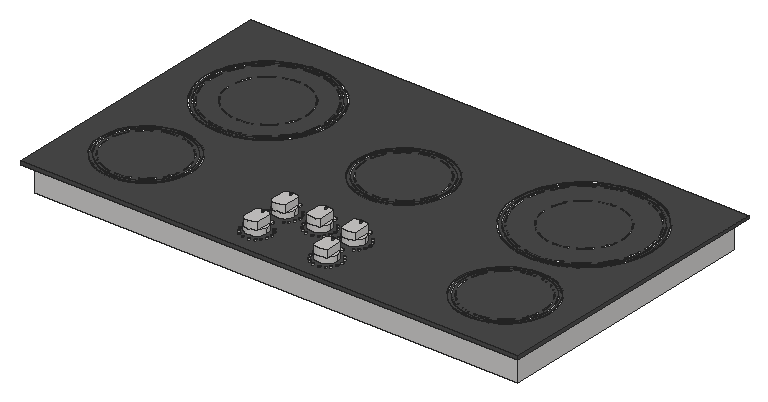
Revit family "QF_Summit_CR5B36MB_Electric Cooktop", category Specialty Equipment, Revit 2020 (continued)
Forms (in)
  Extrusion 2, solid, material "QF_Plastic_White_Smooth"
    sketch origin (-1.19104, -180, 1.88) x (-1, 0, 0) y (0, -1, 0)
      loop
        arc (-26.57765, -171.02061) -> (-26.30417, -171.48612) -> (-26.09009, -171.98176) r 4.37679
      loop
        line (-27.86564, -174.84724) -> (-27.83872, -174.86311)
        arc (-27.83872, -174.86311) -> (-27.63069, -174.42672) -> (-27.5023, -173.96065) r 2.75
        line (-27.5023, -173.96065) -> (-27.53304, -173.95503)
        arc (-27.53304, -173.95503) -> (-27.65997, -174.41581) -> (-27.86564, -174.84724) r 2.71875
      loop
        line (-27.49401, -173.29661) -> (-27.4627, -173.29661)
        arc (-27.4627, -173.29661) -> (-27.51384, -172.91224) -> (-27.61852, -172.53889) r 2.75
        line (-27.61852, -172.53889) -> (-27.64794, -172.54942)
        arc (-27.64794, -172.54942) -> (-27.54464, -172.91759) -> (-27.49401, -173.29661) r 2.71875
      loop
        line (-28.45105, -171.35015) -> (-28.47101, -171.37419)
        arc (-28.47101, -171.37419) -> (-28.11969, -171.72467) -> (-27.83793, -172.13316) r 2.71875
        line (-27.83793, -172.13316) -> (-27.81069, -172.11784)
        arc (-27.81069, -172.11784) -> (-28.09569, -171.70465) -> (-28.45105, -171.35015) r 2.75
      loop
        line (-29.73486, -170.75707) -> (-29.74023, -170.78785)
        arc (-29.74023, -170.78785) -> (-29.26498, -170.91599) -> (-28.82063, -171.12772) r 2.71875
        line (-28.82063, -171.12772) -> (-28.80468, -171.10084)
        arc (-28.80468, -171.10084) -> (-29.25415, -170.88668) -> (-29.73486, -170.75707) r 2.75
      loop
        line (-31.14713, -170.88167) -> (-31.13645, -170.91104)
        arc (-31.13645, -170.91104) -> (-30.66966, -170.78698) -> (-30.18827, -170.74747) r 2.71875
        line (-30.18827, -170.74747) -> (-30.18827, -170.71622)
        arc (-30.18827, -170.71622) -> (-30.67508, -170.7562) -> (-31.14713, -170.88167) r 2.75
      loop
        line (-32.31589, -171.70063) -> (-32.29371, -171.72282)
        arc (-32.29371, -171.72282) -> (-31.95234, -171.3812) -> (-31.55591, -171.10537) r 2.71875
        line (-31.55591, -171.10537) -> (-31.57141, -171.07823)
        arc (-31.57141, -171.07823) -> (-31.97132, -171.35633) -> (-32.31589, -171.70063) r 2.75
      loop
        line (-32.92064, -173.01756) -> (-32.88981, -173.02266)
        arc (-32.88981, -173.02266) -> (-32.76487, -172.54348) -> (-32.55509, -172.09492) r 2.71875
        line (-32.55509, -172.09492) -> (-32.58208, -172.07916)
        arc (-32.58208, -172.07916) -> (-32.79427, -172.53288) -> (-32.92064, -173.01756) r 2.75
      loop
        line (-32.78039, -174.43702) -> (-32.75116, -174.42599)
        arc (-32.75116, -174.42599) -> (-32.8821, -173.95399) -> (-32.92622, -173.46615) r 2.71875
        line (-32.92622, -173.46615) -> (-32.95747, -173.46615)
        arc (-32.95747, -173.46615) -> (-32.91284, -173.95959) -> (-32.78039, -174.43702) r 2.75
      loop
        line (-31.93309, -175.60736) -> (-31.91348, -175.58302)
        arc (-31.91348, -175.58302) -> (-32.28449, -175.22046) -> (-32.57988, -174.79404) r 2.71875
        line (-32.57988, -174.79404) -> (-32.60715, -174.8093)
        arc (-32.60715, -174.8093) -> (-32.30836, -175.24063) -> (-31.93309, -175.60736) r 2.75
      loop
        line (-30.65779, -176.17903) -> (-30.65267, -176.1482)
        arc (-30.65267, -176.1482) -> (-31.13524, -176.0217) -> (-31.58658, -175.80916) r 2.71875
        line (-31.58658, -175.80916) -> (-31.60243, -175.83609)
        arc (-31.60243, -175.83609) -> (-31.14591, -176.05108) -> (-30.65779, -176.17903) r 2.75
      loop
        line (-30.27061, -176.18417) -> (-30.27061, -176.21543)
        arc (-30.27061, -176.21543) -> (-29.75022, -176.17787) -> (-29.24628, -176.0427) r 2.75
        line (-29.24628, -176.0427) -> (-29.2572, -176.01342)
        arc (-29.2572, -176.01342) -> (-29.75577, -176.14712) -> (-30.27061, -176.18417) r 2.71875
      loop
        line (-28.85736, -175.82598) -> (-28.84184, -175.85311)
        arc (-28.84184, -175.85311) -> (-28.43495, -175.56869) -> (-28.08583, -175.21576) r 2.75
        line (-28.08583, -175.21576) -> (-28.10993, -175.19587)
        arc (-28.10993, -175.19587) -> (-28.45509, -175.5448) -> (-28.85736, -175.82598) r 2.71875
      loop
        circle (-31.75732, -164.46164) r 3.25
      loop
        circle (-31.75732, -164.46164) r 3.1875
      loop
        circle (-31.75732, -164.46164) r 3.01918
      loop
        circle (-31.75732, -164.46164) r 2.98793
      loop
        line (-33.52824, -166.59947) -> (-33.50604, -166.57727)
        arc (-33.50604, -166.57727) -> (-33.86405, -166.22108) -> (-34.15074, -165.80533) r 2.7448
        line (-34.15074, -165.80533) -> (-34.17799, -165.82063)
        arc (-34.17799, -165.82063) -> (-33.88898, -166.23997) -> (-33.52824, -166.59947) r 2.77605
      loop
        line (-34.37285, -165.39195) -> (-34.3434, -165.38148)
        arc (-34.3434, -165.38148) -> (-34.46385, -164.91839) -> (-34.50205, -164.44143) r 2.7448
        line (-34.50205, -164.44143) -> (-34.5333, -164.44143)
        arc (-34.5333, -164.44143) -> (-34.49465, -164.92371) -> (-34.37285, -165.39195) r 2.77605
      loop
        line (-34.49314, -163.99077) -> (-34.46235, -163.99607)
        arc (-34.46235, -163.99607) -> (-34.33579, -163.52067) -> (-34.1264, -163.07549) r 2.7448
        line (-34.1264, -163.07549) -> (-34.15337, -163.05971)
        arc (-34.15337, -163.05971) -> (-34.36514, -163.50995) -> (-34.49314, -163.99077) r 2.77605
      loop
        line (-33.88536, -162.67898) -> (-33.86318, -162.70116)
        arc (-33.86318, -162.70116) -> (-33.52547, -162.36222) -> (-33.13404, -162.08707) r 2.7448
        line (-33.13404, -162.08707) -> (-33.14971, -162.06004)
        arc (-33.14971, -162.06004) -> (-33.54454, -162.33742) -> (-33.88536, -162.67898) r 2.77605
      loop
        line (-32.72271, -161.85886) -> (-32.71184, -161.88816)
        arc (-32.71184, -161.88816) -> (-32.24748, -161.76096) -> (-31.76803, -161.71686) r 2.7448
        line (-31.76803, -161.71686) -> (-31.76803, -161.68561)
        arc (-31.76803, -161.68561) -> (-32.253, -161.7302) -> (-32.72271, -161.85886) r 2.77605
      loop
        line (-31.33376, -161.71809) -> (-31.33852, -161.74898)
        arc (-31.33852, -161.74898) -> (-30.82772, -161.87905) -> (-30.35121, -162.10436) r 2.7448
        line (-30.35121, -162.10436) -> (-30.3352, -162.07752)
        arc (-30.3352, -162.07752) -> (-30.81714, -161.84964) -> (-31.33376, -161.71809) r 2.77605
      loop
        line (-29.99205, -162.31914) -> (-30.01425, -162.34134)
        arc (-30.01425, -162.34134) -> (-29.65205, -162.70046) -> (-29.36254, -163.12038) r 2.7448
        line (-29.36254, -163.12038) -> (-29.33527, -163.10511)
        arc (-29.33527, -163.10511) -> (-29.6271, -162.68157) -> (-29.99205, -162.31914) r 2.77605
      loop
        line (-29.15038, -163.50752) -> (-29.17973, -163.51826)
        arc (-29.17973, -163.51826) -> (-29.05159, -164.00016) -> (-29.01275, -164.49728) r 2.7448
        line (-29.01275, -164.49728) -> (-28.98149, -164.49728)
        arc (-28.98149, -164.49728) -> (-29.02082, -163.9947) -> (-29.15038, -163.50752) r 2.77605
      loop
        line (-29.02114, -164.93047) -> (-29.05194, -164.92519)
        arc (-29.05194, -164.92519) -> (-29.17978, -165.40518) -> (-29.39204, -165.85426) r 2.7448
        line (-29.39204, -165.85426) -> (-29.36511, -165.87012)
        arc (-29.36511, -165.87012) -> (-29.15044, -165.41592) -> (-29.02114, -164.93047) r 2.77605
      loop
        line (-29.62145, -166.23493) -> (-29.64549, -166.21496)
        arc (-29.64549, -166.21496) -> (-29.98168, -166.55474) -> (-30.37172, -166.83104) r 2.7448
        line (-30.37172, -166.83104) -> (-30.35594, -166.85802)
        arc (-30.35594, -166.85802) -> (-29.96147, -166.57857) -> (-29.62145, -166.23493) r 2.77605
      loop
        line (-30.79838, -167.06681) -> (-30.80917, -167.03748)
        arc (-30.80917, -167.03748) -> (-31.29052, -167.16646) -> (-31.78726, -167.20628) r 2.7448
        line (-31.78726, -167.20628) -> (-31.78726, -167.23753)
        arc (-31.78726, -167.23753) -> (-31.28504, -167.19723) -> (-30.79838, -167.06681) r 2.77605
      loop
        line (-32.25812, -167.19215) -> (-32.25248, -167.16141)
        arc (-32.25248, -167.16141) -> (-32.71503, -167.03394) -> (-33.14833, -166.82787) r 2.7448
        line (-33.14833, -166.82787) -> (-33.16416, -166.85481)
        arc (-33.16416, -166.85481) -> (-32.72594, -167.06323) -> (-32.25812, -167.19215) r 2.77605
    from 0 to 0.25
  Extrusion 3, solid, material "QF_Metal_Stainless_Polished"
    sketch origin (-2.73972, -180, 0) x (0, -1, 0) y (-1, 0, 0)
      loop
        line (-160.1875, -3.30222) -> (-179.3125, -3.30222) -> (-179.3125, -37.67722) -> (-160.1875, -37.67722) -> (-160.1875, -3.30222)
    from 0 to -0.0625
  Extrusion 4, solid, material "QF_Metal_Stainless_Polished"
    sketch origin (-10.25014, 0, 0) x (1, 0, 0) y (0, 1, 0)
      loop
        circle (28.00014, -0.98525) r 0.125
    from 0 to -1
  Extrusion 5, solid, material "QF_Metal_Stainless_Polished"
    sketch origin (-2.73972, -180, -0.12) x (-1, 0, 0) y (0, -1, 0)
      loop
        line (-3.23972, -179.375) -> (-3.23972, -160.125) -> (-37.73972, -160.125) -> (-37.73972, -179.375) -> (-3.23972, -179.375)
      loop
        line (-3.30222, -160.1875) -> (-37.67722, -160.1875) -> (-37.67722, -179.3125) -> (-3.30222, -179.3125) -> (-3.30222, -160.1875)
    from 0.12 to 2
  Extrusion 6, solid, material "QF_Metal_Stainless_Polished"
    sketch origin (-55.39759, -180, 2.13) x (-1, 0, 0) y (0, -1, 0)
      loop
        circle (-73.14759, -164.00241) r 0.75
      loop
        circle (-70.64759, -164.00241) r 0.75
      loop
        circle (-75.64759, -164.00241) r 0.75
      loop
        circle (-70.64759, -161.50241) r 0.75
      loop
        circle (-75.64759, -161.50241) r 0.75
    from 0.125 to 0.5
  Extrusion 7, solid, material "QF_Metal_Stainless_Polished"
    sketch origin (-55.39759, -180, 2.63) x (-1, 0, 0) y (0, -1, 0)
      loop
        arc (-71.16736, -162.0431) -> (-70.64759, -162.25241) -> (-70.12782, -162.0431) r 0.75
        line (-70.12782, -162.0431) -> (-70.12782, -160.96173)
        arc (-70.12782, -160.96173) -> (-70.64759, -160.75241) -> (-71.16736, -160.96173) r 0.75
        line (-71.16736, -160.96173) -> (-71.16736, -162.0431)
      loop
        arc (-71.16736, -164.5431) -> (-70.64759, -164.75241) -> (-70.12782, -164.5431) r 0.75
        line (-70.12782, -164.5431) -> (-70.12782, -163.46173)
        arc (-70.12782, -163.46173) -> (-70.64759, -163.25241) -> (-71.16736, -163.46173) r 0.75
        line (-71.16736, -163.46173) -> (-71.16736, -164.5431)
      loop
        arc (-73.66736, -164.5431) -> (-73.14759, -164.75241) -> (-72.62782, -164.5431) r 0.75
        line (-72.62782, -164.5431) -> (-72.62782, -163.46173)
        arc (-72.62782, -163.46173) -> (-73.14759, -163.25241) -> (-73.66736, -163.46173) r 0.75
        line (-73.66736, -163.46173) -> (-73.66736, -164.5431)
      loop
        arc (-76.16736, -164.5431) -> (-75.64759, -164.75241) -> (-75.12782, -164.5431) r 0.75
        line (-75.12782, -164.5431) -> (-75.12782, -163.46173)
        arc (-75.12782, -163.46173) -> (-75.64759, -163.25241) -> (-76.16736, -163.46173) r 0.75
        line (-76.16736, -163.46173) -> (-76.16736, -164.5431)
      loop
        arc (-76.16736, -162.0431) -> (-75.64759, -162.25241) -> (-75.12782, -162.0431) r 0.75
        line (-75.12782, -162.0431) -> (-75.12782, -160.96173)
        arc (-75.12782, -160.96173) -> (-75.64759, -160.75241) -> (-76.16736, -160.96173) r 0.75
        line (-76.16736, -160.96173) -> (-76.16736, -162.0431)
    from 0 to 0.5
  Extrusion 8, solid, material "QF_Metal_Stainless_Polished"
    sketch origin (-55.39759, -180, 2.13) x (-1, 0, 0) y (0, -1, 0)
      loop
        circle (-72.47162, -164.73941) r 0.06351
      loop
        circle (-72.26343, -164.47568) r 0.06351
      loop
        circle (-72.13238, -164.11069) r 0.06351
      loop
        circle (-72.19176, -163.7358) r 0.06351
      loop
        circle (-72.35645, -163.39813) r 0.06351
      loop
        circle (-72.57676, -163.17782) r 0.06351
      loop
        circle (-73.82357, -164.73941) r 0.06351
      loop
        circle (-74.03175, -164.47568) r 0.06351
      loop
        circle (-74.16281, -164.11069) r 0.06351
      loop
        circle (-74.10343, -163.7358) r 0.06351
      loop
        circle (-73.93873, -163.39813) r 0.06351
      loop
        circle (-73.71843, -163.17782) r 0.06351
      loop
        circle (-72.91579, -163.03268) r 0.06351
      loop
        circle (-73.37939, -163.03268) r 0.06351
      loop
        circle (-74.97162, -162.23941) r 0.06351
      loop
        circle (-74.76343, -161.97568) r 0.06351
      loop
        circle (-74.63238, -161.61069) r 0.06351
      loop
        circle (-74.69176, -161.2358) r 0.06351
      loop
        circle (-74.85645, -160.89813) r 0.06351
      loop
        circle (-75.07676, -160.67782) r 0.06351
      loop
        circle (-76.32357, -162.23941) r 0.06351
      loop
        circle (-76.53175, -161.97568) r 0.06351
      loop
        circle (-76.66281, -161.61069) r 0.06351
      loop
        circle (-76.60343, -161.2358) r 0.06351
      loop
        circle (-76.43873, -160.89813) r 0.06351
      loop
        circle (-76.21843, -160.67782) r 0.06351
      loop
        circle (-75.41579, -160.53268) r 0.06351
      loop
        circle (-75.87939, -160.53268) r 0.06351
      loop
        circle (-69.97162, -162.23941) r 0.06351
      loop
        circle (-69.76343, -161.97568) r 0.06351
      loop
        circle (-69.63238, -161.61069) r 0.06351
      loop
        circle (-69.69176, -161.2358) r 0.06351
      loop
        circle (-69.85645, -160.89813) r 0.06351
      loop
        circle (-70.07676, -160.67782) r 0.06351
      loop
        circle (-71.32357, -162.23941) r 0.06351
      loop
        circle (-71.53175, -161.97568) r 0.06351
      loop
        circle (-71.66281, -161.61069) r 0.06351
      loop
        circle (-71.60343, -161.2358) r 0.06351
      loop
        circle (-71.43873, -160.89813) r 0.06351
      loop
        circle (-71.21843, -160.67782) r 0.06351
      loop
        circle (-70.41579, -160.53268) r 0.06351
      loop
        circle (-70.87939, -160.53268) r 0.06351
      loop
        circle (-69.97162, -164.73941) r 0.06351
      loop
        circle (-69.76343, -164.47568) r 0.06351
      loop
        circle (-69.63238, -164.11069) r 0.06351
      loop
        circle (-69.69176, -163.7358) r 0.06351
      loop
        circle (-69.85645, -163.39813) r 0.06351
      loop
        circle (-70.07676, -163.17782) r 0.06351
      loop
        circle (-71.32357, -164.73941) r 0.06351
      loop
        circle (-71.53175, -164.47568) r 0.06351
      loop
        circle (-71.66281, -164.11069) r 0.06351
      loop
        circle (-71.60343, -163.7358) r 0.06351
      loop
        circle (-71.43873, -163.39813) r 0.06351
      loop
        circle (-71.21843, -163.17782) r 0.06351
      loop
        circle (-74.97162, -164.73941) r 0.06351
      loop
        circle (-74.76343, -164.47568) r 0.06351
      loop
        circle (-74.63238, -164.11069) r 0.06351
      loop
        circle (-74.69176, -163.7358) r 0.06351
      loop
        circle (-74.85645, -163.39813) r 0.06351
      loop
        circle (-75.07676, -163.17782) r 0.06351
      loop
        circle (-76.32357, -164.73941) r 0.06351
      loop
        circle (-76.53175, -164.47568) r 0.06351
      loop
        circle (-76.66281, -164.11069) r 0.06351
      loop
        circle (-76.60343, -163.7358) r 0.06351
      loop
        circle (-76.43873, -163.39813) r 0.06351
      loop
        circle (-76.21843, -163.17782) r 0.06351
    from 0 to 0.03125
  Extrusion 9, solid, material "QF_Metal_Stainless_Polished"
    sketch origin (-55.39759, -180, 2.13) x (-1, 0, 0) y (0, -1, 0)
      loop
        circle (-75.64759, -165.22282) r 0.18787
      loop
        circle (-73.14759, -165.22282) r 0.18787
      loop
        circle (-70.64759, -165.22282) r 0.18787
      loop
        circle (-70.64759, -162.72282) r 0.18787
      loop
        circle (-75.64759, -162.72282) r 0.18787
    from 0 to 0.03125
  Extrusion 10, solid, material "QF_Plastic_Black_Smooth"
    sketch origin (-55.39759, -180, 3.13) x (-1, 0, 0) y (0, -1, 0)
      loop
        circle (-70.64759, -164.5571) r 0.06351
      loop
        circle (-73.14759, -164.5571) r 0.06351
      loop
        circle (-75.64759, -164.5571) r 0.06351
      loop
        circle (-70.64759, -162.0571) r 0.06351
      loop
        circle (-75.64759, -162.0571) r 0.06351
    from 0 to 0.03125
  Extrusion 11, solid, material "QF_Metal_Stainless_Polished"
    sketch origin (-1.19104, -180, 2.13) x (-1, 0, 0) y (0, -1, 0)
      loop
        circle (-16.44104, -161.50241) r 0.3323
      loop
        circle (-16.44104, -164.00241) r 0.3323
      loop
        circle (-18.94104, -164.00241) r 0.3323
      loop
        circle (-21.44104, -164.00241) r 0.3323
      loop
        circle (-21.44104, -161.50241) r 0.3323
    from 0 to 0.125
Lines and regions (in)
  symbolic lines
    curve 1: line (0, 0, 0) -> (0, -20.5, 0)
    curve 2: line (35.5, 0, 0) -> (0, 0, 0)
    curve 3: line (35.5, -20.5, 0) -> (35.5, 0, 0)
    curve 4: line (0, -20.5, 0) -> (35.5, -20.5, 0)
    curve 5: arc (10.98519, -6.53385, 0) -> (6.48519, -2.03385, 0) -> (1.98519, -6.53385, 0) r 4.5
    curve 6: arc (1.98519, -6.53385, 0) -> (6.48519, -11.03385, 0) -> (10.98519, -6.53385, 0) r 4.5
    curve 7: arc (2.04769, -6.53385, 0) -> (6.48519, -2.09635, 0) -> (10.92269, -6.53385, 0) r 4.4375
    curve 8: arc (10.92269, -6.53385, 0) -> (6.48519, -10.97135, 0) -> (2.04769, -6.53385, 0) r 4.4375
    curve 9: arc (10.73519, -6.53385, 0) -> (6.48519, -2.28385, 0) -> (2.23519, -6.53385, 0) r 4.25
    curve 10: arc (2.23519, -6.53385, 0) -> (6.48519, -10.78385, 0) -> (10.73519, -6.53385, 0) r 4.25
    curve 11: arc (2.26644, -6.53385, 0) -> (6.48519, -2.3151, 0) -> (10.70394, -6.53385, 0) r 4.21875
    curve 12: arc (10.70394, -6.53385, 0) -> (6.48519, -10.7526, 0) -> (2.26644, -6.53385, 0) r 4.21875
    curve 13: arc (2.50665, -5.72825, 0) -> (2.43541, -6.25623, 0) -> (2.43393, -6.789, 0) r 4.05928
    curve 14: line (2.43393, -6.789, 0) -> (2.46525, -6.789, 0)
    curve 15: arc (2.46525, -6.789, 0) -> (2.46652, -6.25935, 0) -> (2.53728, -5.73445, 0) r 4.02803
    curve 16: line (2.53728, -5.73445, 0) -> (2.50665, -5.72825, 0)
    curve 17: arc (2.49609, -7.28543, 0) -> (2.62273, -7.78252, 0) -> (2.81105, -8.25968, 0) r 4.05928
    curve 18: line (2.81105, -8.25968, 0) -> (2.83934, -8.24639, 0)
    curve 19: arc (2.83934, -8.24639, 0) -> (2.65247, -7.77291, 0) -> (2.5268, -7.27964, 0) r 4.02803
    curve 20: line (2.5268, -7.27964, 0) -> (2.49609, -7.28543, 0)
    curve 21: arc (3.05677, -4.36044, 0) -> (2.80977, -4.81075, 0) -> (2.62161, -5.28863, 0) r 4.05928
    curve 22: line (2.62161, -5.28863, 0) -> (2.65136, -5.29822, 0)
    curve 23: arc (2.65136, -5.29822, 0) -> (2.83807, -4.82401, 0) -> (3.08316, -4.37718, 0) r 4.02803
    curve 24: line (3.08316, -4.37718, 0) -> (3.05677, -4.36044, 0)
    curve 25: arc (4.07061, -3.27079, 0) -> (3.66893, -3.61042, 0) -> (3.31455, -3.99913, 0) r 4.05928
    curve 26: line (3.31455, -3.99913, 0) -> (3.33896, -4.01864, 0)
    curve 27: arc (3.33896, -4.01864, 0) -> (3.69061, -3.63292, 0) -> (4.0892, -3.29591, 0) r 4.02803
    curve 28: line (4.0892, -3.29591, 0) -> (4.07061, -3.27079, 0)
    curve 29: arc (5.39478, -2.62376, 0) -> (4.92074, -2.78815, 0) -> (4.4706, -3.00976, 0) r 4.05928
    curve 30: line (4.4706, -3.00976, 0) -> (4.48611, -3.03689, 0)
    curve 31: arc (4.48611, -3.03689, 0) -> (4.93278, -2.81698, 0) -> (5.40317, -2.65386, 0) r 4.02803
    curve 32: line (5.40317, -2.65386, 0) -> (5.39478, -2.62376, 0)
    curve 33: arc (6.92844, -2.49884, 0) -> (6.39876, -2.47549, 0) -> (5.87056, -2.52137, 0) r 4.05928
    curve 34: line (5.87056, -2.52137, 0) -> (5.87529, -2.55226, 0)
    curve 35: arc (5.87529, -2.55226, 0) -> (6.39943, -2.50673, 0) -> (6.92502, -2.5299, 0) r 4.02803
    curve 36: line (6.92502, -2.5299, 0) -> (6.92844, -2.49884, 0)
    curve 37: arc (8.34632, -2.92636, 0) -> (7.85711, -2.71343, 0) -> (7.3442, -2.5665, 0) r 4.05928
    curve 38: line (7.3442, -2.5665, 0) -> (7.33759, -2.59704, 0)
    curve 39: arc (7.33759, -2.59704, 0) -> (7.84655, -2.74284, 0) -> (8.33199, -2.95414, 0) r 4.02803
    curve 40: line (8.33199, -2.95414, 0) -> (8.34632, -2.92636, 0)
    curve 41: arc (8.73465, -3.19245, 0) -> (9.11844, -3.48573, 0) -> (9.46436, -3.82284, 0) r 4.02803
    curve 42: line (9.46436, -3.82284, 0) -> (9.48648, -3.80072, 0)
    curve 43: arc (9.48648, -3.80072, 0) -> (9.13831, -3.4616, 0) -> (8.7521, -3.16653, 0) r 4.05928
    curve 44: line (8.7521, -3.16653, 0) -> (8.73465, -3.19245, 0)
    curve 45: arc (9.75822, -4.18602, 0) -> (10.03114, -4.62302, 0) -> (10.24604, -5.09129, 0) r 4.02803
    curve 46: line (10.24604, -5.09129, 0) -> (10.27522, -5.0801, 0)
    curve 47: arc (10.27522, -5.0801, 0) -> (10.05865, -4.6082, 0) -> (9.78361, -4.16781, 0) r 4.05928
    curve 48: line (9.78361, -4.16781, 0) -> (9.75822, -4.18602, 0)
    curve 49: arc (10.38713, -5.53391, 0) -> (10.48157, -6.02992, 0) -> (10.51322, -6.53385, 0) r 4.02803
    curve 50: line (10.51322, -6.53385, 0) -> (10.54447, -6.53385, 0)
    curve 51: arc (10.54447, -6.53385, 0) -> (10.51257, -6.02601, 0) -> (10.4174, -5.52616, 0) r 4.05928
    curve 52: line (10.4174, -5.52616, 0) -> (10.38713, -5.53391, 0)
    curve 53: arc (10.26933, -8.00287, 0) -> (10.42722, -7.5024, 0) -> (10.51923, -6.98575, 0) r 4.05928
    curve 54: line (10.51923, -6.98575, 0) -> (10.48818, -6.98227, 0)
    curve 55: arc (10.48818, -6.98227, 0) -> (10.39687, -7.49495, 0) -> (10.2402, -7.99156, 0) r 4.02803
    curve 56: line (10.2402, -7.99156, 0) -> (10.26933, -8.00287, 0)
    curve 57: arc (9.48269, -9.27113, 0) -> (9.80176, -8.87438, 0) -> (10.06865, -8.44081, 0) r 4.05928
    curve 58: line (10.06865, -8.44081, 0) -> (10.04107, -8.42613, 0)
    curve 59: arc (10.04107, -8.42613, 0) -> (9.77664, -8.85578, 0) -> (9.46057, -9.24901, 0) r 4.02803
    curve 60: line (9.46057, -9.24901, 0) -> (9.48269, -9.27113, 0)
    curve 61: arc (8.30189, -10.16391, 0) -> (8.74352, -9.90693, 0) -> (9.14937, -9.59651, 0) r 4.05928
    curve 62: line (9.14937, -9.59651, 0) -> (9.12722, -9.57435, 0)
    curve 63: arc (9.12722, -9.57435, 0) -> (8.72523, -9.88156, 0) -> (8.28791, -10.13596, 0) r 4.02803
    curve 64: line (8.28791, -10.13596, 0) -> (8.30189, -10.16391, 0)
    curve 65: arc (6.85949, -10.57583, 0) -> (7.39738, -10.4893, 0) -> (7.91885, -10.33153, 0) r 4.05928
    curve 66: line (7.91885, -10.33153, 0) -> (7.90781, -10.30229, 0)
    curve 67: arc (7.90781, -10.30229, 0) -> (7.39036, -10.45885, 0) -> (6.8566, -10.54472, 0) r 4.02803
    curve 68: line (6.8566, -10.54472, 0) -> (6.85949, -10.57583, 0)
    curve 69: arc (5.36787, -10.43633, 0) -> (5.89707, -10.5503, 0) -> (6.43674, -10.59284, 0) r 4.05928
    curve 70: line (6.43674, -10.59284, 0) -> (6.43674, -10.56159, 0)
    curve 71: arc (6.43674, -10.56159, 0) -> (5.90142, -10.51935, 0) -> (5.37647, -10.40628, 0) r 4.02803
    curve 72: line (5.37647, -10.40628, 0) -> (5.36787, -10.43633, 0)
    curve 73: arc (4.05102, -9.78232, 0) -> (4.4919, -10.07003, 0) -> (4.9663, -10.29825, 0) r 4.05928
    curve 74: line (4.9663, -10.29825, 0) -> (4.97799, -10.26927, 0)
    curve 75: arc (4.97799, -10.26927, 0) -> (4.50725, -10.0428, 0) -> (4.06976, -9.75732, 0) r 4.02803
    curve 76: line (4.06976, -9.75732, 0) -> (4.05102, -9.78232, 0)
    curve 77: arc (3.03143, -8.66675, 0) -> (3.33225, -9.09055, 0) -> (3.68475, -9.47244, 0) r 4.05928
    curve 78: line (3.68475, -9.47244, 0) -> (3.70686, -9.45034, 0)
    curve 79: arc (3.70686, -9.45034, 0) -> (3.35676, -9.07116, 0) -> (3.05801, -8.65033, 0) r 4.02803
    curve 80: line (3.05801, -8.65033, 0) -> (3.03143, -8.66675, 0)
    curve 81: arc (4.08841, -7.88216, 0) -> (4.37341, -8.29535, 0) -> (4.72876, -8.64985, 0) r 2.75
    curve 82: line (4.72876, -8.64985, 0) -> (4.74872, -8.62581, 0)
    curve 83: arc (4.74872, -8.62581, 0) -> (4.39741, -8.27533, 0) -> (4.11564, -7.86684, 0) r 2.71875
    curve 84: line (4.11564, -7.86684, 0) -> (4.08841, -7.88216, 0)
    curve 85: arc (5.0824, -8.89916, 0) -> (5.53186, -9.11332, 0) -> (6.01257, -9.24293, 0) r 2.75
    curve 86: line (6.01257, -9.24293, 0) -> (6.01794, -9.21215, 0)
    curve 87: arc (6.01794, -9.21215, 0) -> (5.54269, -9.08401, 0) -> (5.09834, -8.87228, 0) r 2.71875
    curve 88: line (5.09834, -8.87228, 0) -> (5.0824, -8.89916, 0)
    curve 89: arc (6.46598, -9.28378, 0) -> (6.95279, -9.2438, 0) -> (7.42485, -9.11833, 0) r 2.75
    curve 90: line (7.42485, -9.11833, 0) -> (7.41417, -9.08896, 0)
    curve 91: arc (7.41417, -9.08896, 0) -> (6.94737, -9.21302, 0) -> (6.46598, -9.25253, 0) r 2.71875
    curve 92: line (6.46598, -9.25253, 0) -> (6.46598, -9.28378, 0)
    curve 93: arc (7.84912, -8.92177, 0) -> (8.24904, -8.64367, 0) -> (8.59361, -8.29937, 0) r 2.75
    curve 94: line (8.59361, -8.29937, 0) -> (8.57142, -8.27718, 0)
    curve 95: arc (8.57142, -8.27718, 0) -> (8.23005, -8.6188, 0) -> (7.83362, -8.89463, 0) r 2.71875
    curve 96: line (7.83362, -8.89463, 0) -> (7.84912, -8.92177, 0)
    curve 97: arc (8.85979, -7.92084, 0) -> (9.07198, -7.46712, 0) -> (9.19835, -6.98244, 0) r 2.75
    curve 98: line (9.19835, -6.98244, 0) -> (9.16752, -6.97734, 0)
    curve 99: arc (9.16752, -6.97734, 0) -> (9.04258, -7.45652, 0) -> (8.83281, -7.90508, 0) r 2.71875
    curve 100: line (8.83281, -7.90508, 0) -> (8.85979, -7.92084, 0)
    curve 101: arc (9.23519, -6.53385, 0) -> (9.19055, -6.04041, 0) -> (9.05811, -5.56298, 0) r 2.75
    curve 102: line (9.05811, -5.56298, 0) -> (9.02887, -5.57401, 0)
    curve 103: arc (9.02887, -5.57401, 0) -> (9.15981, -6.04601, 0) -> (9.20394, -6.53385, 0) r 2.71875
    curve 104: line (9.20394, -6.53385, 0) -> (9.23519, -6.53385, 0)
    curve 105: arc (8.19119, -4.41698, 0) -> (8.5622, -4.77954, 0) -> (8.8576, -5.20596, 0) r 2.71875
    curve 106: line (8.8576, -5.20596, 0) -> (8.88487, -5.1907, 0)
    curve 107: arc (8.88487, -5.1907, 0) -> (8.58608, -4.75937, 0) -> (8.2108, -4.39264, 0) r 2.75
    curve 108: line (8.2108, -4.39264, 0) -> (8.19119, -4.41698, 0)
    curve 109: arc (6.93038, -3.8518, 0) -> (7.41296, -3.9783, 0) -> (7.86429, -4.19084, 0) r 2.71875
    curve 110: line (7.86429, -4.19084, 0) -> (7.88014, -4.16391, 0)
    curve 111: arc (7.88014, -4.16391, 0) -> (7.42362, -3.94892, 0) -> (6.9355, -3.82097, 0) r 2.75
    curve 112: line (6.9355, -3.82097, 0) -> (6.93038, -3.8518, 0)
    curve 113: arc (5.53491, -3.98658, 0) -> (6.03348, -3.85288, 0) -> (6.54833, -3.81583, 0) r 2.71875
    curve 114: line (6.54833, -3.81583, 0) -> (6.54833, -3.78457, 0)
    curve 115: arc (6.54833, -3.78457, 0) -> (6.02793, -3.82213, 0) -> (5.52399, -3.9573, 0) r 2.75
    curve 116: line (5.52399, -3.9573, 0) -> (5.53491, -3.98658, 0)
    curve 117: arc (4.38765, -4.80413, 0) -> (4.73281, -4.4552, 0) -> (5.13507, -4.17402, 0) r 2.71875
    curve 118: line (5.13507, -4.17402, 0) -> (5.11955, -4.14689, 0)
    curve 119: arc (5.11955, -4.14689, 0) -> (4.71266, -4.43131, 0) -> (4.36354, -4.78424, 0) r 2.75
    curve 120: line (4.36354, -4.78424, 0) -> (4.38765, -4.80413, 0)
    curve 121: arc (3.81075, -6.04497, 0) -> (3.93769, -5.58419, 0) -> (4.14335, -5.15276, 0) r 2.71875
    curve 122: line (4.14335, -5.15276, 0) -> (4.11643, -5.13689, 0)
    curve 123: arc (4.11643, -5.13689, 0) -> (3.9084, -5.57328, 0) -> (3.78001, -6.03935, 0) r 2.75
    curve 124: line (3.78001, -6.03935, 0) -> (3.81075, -6.04497, 0)
    curve 125: arc (3.74042, -6.70339, 0) -> (3.79155, -7.08776, 0) -> (3.89623, -7.46111, 0) r 2.75
    curve 126: line (3.89623, -7.46111, 0) -> (3.92565, -7.45058, 0)
    curve 127: arc (3.92565, -7.45058, 0) -> (3.82235, -7.08241, 0) -> (3.77173, -6.70339, 0) r 2.71875
    curve 128: line (3.77173, -6.70339, 0) -> (3.74042, -6.70339, 0)
    curve 129: arc (8.23778, -15.53836, 0) -> (4.98778, -12.28836, 0) -> (1.73778, -15.53836, 0) r 3.25
    curve 130: arc (1.73778, -15.53836, 0) -> (4.98778, -18.78836, 0) -> (8.23778, -15.53836, 0) r 3.25
    curve 131: arc (1.80028, -15.53836, 0) -> (4.98778, -12.35086, 0) -> (8.17528, -15.53836, 0) r 3.1875
    curve 132: arc (8.17528, -15.53836, 0) -> (4.98778, -18.72586, 0) -> (1.80028, -15.53836, 0) r 3.1875
    curve 133: arc (8.00696, -15.53836, 0) -> (4.98778, -12.51918, 0) -> (1.9686, -15.53836, 0) r 3.01918
    curve 134: arc (1.9686, -15.53836, 0) -> (4.98778, -18.55754, 0) -> (8.00696, -15.53836, 0) r 3.01918
    curve 135: arc (1.99985, -15.53836, 0) -> (4.98778, -12.55043, 0) -> (7.97571, -15.53836, 0) r 2.98793
    curve 136: arc (7.97571, -15.53836, 0) -> (4.98778, -18.52629, 0) -> (1.99985, -15.53836, 0) r 2.98793
    curve 137: arc (2.59557, -14.12988, 0) -> (2.3809, -14.58408, 0) -> (2.2516, -15.06953, 0) r 2.77605
    curve 138: line (2.2516, -15.06953, 0) -> (2.2824, -15.07481, 0)
    curve 139: arc (2.2824, -15.07481, 0) -> (2.41024, -14.59482, 0) -> (2.62249, -14.14574, 0) r 2.7448
    curve 140: line (2.62249, -14.14574, 0) -> (2.59557, -14.12988, 0)
    curve 141: arc (3.5864, -13.14198, 0) -> (3.19192, -13.42143, 0) -> (2.85191, -13.76507, 0) r 2.77605
    curve 142: line (2.85191, -13.76507, 0) -> (2.87595, -13.78504, 0)
    curve 143: arc (2.87595, -13.78504, 0) -> (3.21214, -13.44526, 0) -> (3.60217, -13.16896, 0) r 2.7448
    curve 144: line (3.60217, -13.16896, 0) -> (3.5864, -13.14198, 0)
    curve 145: arc (5.01772, -12.76247, 0) -> (4.5155, -12.80277, 0) -> (4.02884, -12.93319, 0) r 2.77605
    curve 146: line (4.02884, -12.93319, 0) -> (4.03963, -12.96252, 0)
    curve 147: arc (4.03963, -12.96252, 0) -> (4.52098, -12.83354, 0) -> (5.01772, -12.79372, 0) r 2.7448
    curve 148: line (5.01772, -12.79372, 0) -> (5.01772, -12.76247, 0)
    curve 149: arc (6.39462, -13.14519, 0) -> (5.9564, -12.93677, 0) -> (5.48857, -12.80785, 0) r 2.77605
    curve 150: line (5.48857, -12.80785, 0) -> (5.48294, -12.83859, 0)
    curve 151: arc (5.48294, -12.83859, 0) -> (5.94549, -12.96606, 0) -> (6.37878, -13.17213, 0) r 2.7448
    curve 152: line (6.37878, -13.17213, 0) -> (6.39462, -13.14519, 0)
    curve 153: arc (7.40844, -14.17937, 0) -> (7.11944, -13.76003, 0) -> (6.7587, -13.40053, 0) r 2.77605
    curve 154: line (6.7587, -13.40053, 0) -> (6.7365, -13.42273, 0)
    curve 155: arc (6.7365, -13.42273, 0) -> (7.09451, -13.77892, 0) -> (7.38119, -14.19467, 0) r 2.7448
    curve 156: line (7.38119, -14.19467, 0) -> (7.40844, -14.17937, 0)
    curve 157: arc (7.76375, -15.55857, 0) -> (7.7251, -15.07629, 0) -> (7.6033, -14.60805, 0) r 2.77605
    curve 158: line (7.6033, -14.60805, 0) -> (7.57386, -14.61852, 0)
    curve 159: arc (7.57386, -14.61852, 0) -> (7.69431, -15.08161, 0) -> (7.7325, -15.55857, 0) r 2.7448
    curve 160: line (7.7325, -15.55857, 0) -> (7.76375, -15.55857, 0)
    curve 161: arc (7.6928, -16.00393, 0) -> (7.56625, -16.47933, 0) -> (7.35685, -16.92451, 0) r 2.7448
    curve 162: line (7.35685, -16.92451, 0) -> (7.38382, -16.94029, 0)
    curve 163: arc (7.38382, -16.94029, 0) -> (7.5956, -16.49005, 0) -> (7.7236, -16.00923, 0) r 2.77605
    curve 164: line (7.7236, -16.00923, 0) -> (7.6928, -16.00393, 0)
    curve 165: arc (6.38017, -17.93996, 0) -> (6.77499, -17.66258, 0) -> (7.11582, -17.32102, 0) r 2.77605
    curve 166: line (7.11582, -17.32102, 0) -> (7.09364, -17.29884, 0)
    curve 167: arc (7.09364, -17.29884, 0) -> (6.75593, -17.63778, 0) -> (6.3645, -17.91293, 0) r 2.7448
    curve 168: line (6.3645, -17.91293, 0) -> (6.38017, -17.93996, 0)
    curve 169: arc (4.99849, -18.31439, 0) -> (5.48345, -18.2698, 0) -> (5.95317, -18.14114, 0) r 2.77605
    curve 170: line (5.95317, -18.14114, 0) -> (5.9423, -18.11184, 0)
    curve 171: arc (5.9423, -18.11184, 0) -> (5.47793, -18.23904, 0) -> (4.99849, -18.28314, 0) r 2.7448
    curve 172: line (4.99849, -18.28314, 0) -> (4.99849, -18.31439, 0)
    curve 173: arc (3.56565, -17.92248, 0) -> (4.0476, -18.15036, 0) -> (4.56421, -18.28191, 0) r 2.77605
    curve 174: line (4.56421, -18.28191, 0) -> (4.56898, -18.25102, 0)
    curve 175: arc (4.56898, -18.25102, 0) -> (4.05818, -18.12095, 0) -> (3.58166, -17.89564, 0) r 2.7448
    curve 176: line (3.58166, -17.89564, 0) -> (3.56565, -17.92248, 0)
    curve 177: arc (2.56573, -16.89489, 0) -> (2.85756, -17.31843, 0) -> (3.22251, -17.68086, 0) r 2.77605
    curve 178: line (3.22251, -17.68086, 0) -> (3.24471, -17.65866, 0)
    curve 179: arc (3.24471, -17.65866, 0) -> (2.8825, -17.29954, 0) -> (2.593, -16.87962, 0) r 2.7448
    curve 180: line (2.593, -16.87962, 0) -> (2.56573, -16.89489, 0)
    curve 181: arc (2.21195, -15.50272, 0) -> (2.25127, -16.0053, 0) -> (2.38084, -16.49248, 0) r 2.77605
    curve 182: line (2.38084, -16.49248, 0) -> (2.41018, -16.48174, 0)
    curve 183: arc (2.41018, -16.48174, 0) -> (2.28205, -15.99984, 0) -> (2.2432, -15.50272, 0) r 2.7448
    curve 184: line (2.2432, -15.50272, 0) -> (2.21195, -15.50272, 0)
    curve 185: arc (21, -8.53358, 0) -> (17.75, -5.28358, 0) -> (14.5, -8.53358, 0) r 3.25
    curve 186: arc (14.5, -8.53358, 0) -> (17.75, -11.78358, 0) -> (21, -8.53358, 0) r 3.25
    curve 187: arc (14.5625, -8.53358, 0) -> (17.75, -5.34608, 0) -> (20.9375, -8.53358, 0) r 3.1875
    curve 188: arc (20.9375, -8.53358, 0) -> (17.75, -11.72108, 0) -> (14.5625, -8.53358, 0) r 3.1875
    curve 189: arc (20.76918, -8.53358, 0) -> (17.75, -5.5144, 0) -> (14.73082, -8.53358, 0) r 3.01918
    curve 190: arc (14.73082, -8.53358, 0) -> (17.75, -11.55276, 0) -> (20.76918, -8.53358, 0) r 3.01918
    curve 191: arc (14.76207, -8.53358, 0) -> (17.75, -5.54565, 0) -> (20.73793, -8.53358, 0) r 2.98793
    curve 192: arc (20.73793, -8.53358, 0) -> (17.75, -11.52151, 0) -> (14.76207, -8.53358, 0) r 2.98793
    curve 193: arc (14.97418, -8.49794, 0) -> (15.0135, -9.00052, 0) -> (15.14306, -9.4877, 0) r 2.77605
    curve 194: line (15.14306, -9.4877, 0) -> (15.17241, -9.47696, 0)
    curve 195: arc (15.17241, -9.47696, 0) -> (15.04427, -8.99507, 0) -> (15.00543, -8.49794, 0) r 2.7448
    curve 196: line (15.00543, -8.49794, 0) -> (14.97418, -8.49794, 0)
    curve 197: arc (15.04462, -8.07003, 0) -> (15.17247, -7.59005, 0) -> (15.38472, -7.14096, 0) r 2.7448
    curve 198: line (15.38472, -7.14096, 0) -> (15.35779, -7.12511, 0)
    curve 199: arc (15.35779, -7.12511, 0) -> (15.14312, -7.57931, 0) -> (15.01382, -8.06475, 0) r 2.77605
    curve 200: line (15.01382, -8.06475, 0) -> (15.04462, -8.07003, 0)
    curve 201: arc (16.34862, -6.13721, 0) -> (15.95415, -6.41665, 0) -> (15.61413, -6.7603, 0) r 2.77605
    curve 202: line (15.61413, -6.7603, 0) -> (15.63818, -6.78026, 0)
    curve 203: arc (15.63818, -6.78026, 0) -> (15.97436, -6.44048, 0) -> (16.3644, -6.16418, 0) r 2.7448
    curve 204: line (16.3644, -6.16418, 0) -> (16.34862, -6.13721, 0)
    curve 205: arc (17.77994, -5.75769, 0) -> (17.27772, -5.798, 0) -> (16.79106, -5.92841, 0) r 2.77605
    curve 206: line (16.79106, -5.92841, 0) -> (16.80186, -5.95774, 0)
    curve 207: arc (16.80186, -5.95774, 0) -> (17.28321, -5.82876, 0) -> (17.77994, -5.78894, 0) r 2.7448
    curve 208: line (17.77994, -5.78894, 0) -> (17.77994, -5.75769, 0)
    curve 209: arc (18.24516, -5.83381, 0) -> (18.70772, -5.96128, 0) -> (19.14101, -6.16735, 0) r 2.7448
    curve 210: line (19.14101, -6.16735, 0) -> (19.15684, -6.14041, 0)
    curve 211: arc (19.15684, -6.14041, 0) -> (18.71862, -5.932, 0) -> (18.2508, -5.80308, 0) r 2.77605
    curve 212: line (18.2508, -5.80308, 0) -> (18.24516, -5.83381, 0)
    curve 213: arc (19.49872, -6.41795, 0) -> (19.85673, -6.77414, 0) -> (20.14342, -7.1899, 0) r 2.7448
    curve 214: line (20.14342, -7.1899, 0) -> (20.17067, -7.1746, 0)
    curve 215: arc (20.17067, -7.1746, 0) -> (19.88167, -6.75525, 0) -> (19.52092, -6.39575, 0) r 2.77605
    curve 216: line (19.52092, -6.39575, 0) -> (19.49872, -6.41795, 0)
    curve 217: arc (20.33609, -7.61375, 0) -> (20.45653, -8.07683, 0) -> (20.49473, -8.5538, 0) r 2.7448
    curve 218: line (20.49473, -8.5538, 0) -> (20.52598, -8.5538, 0)
    curve 219: arc (20.52598, -8.5538, 0) -> (20.48733, -8.07152, 0) -> (20.36553, -7.60327, 0) r 2.77605
    curve 220: line (20.36553, -7.60327, 0) -> (20.33609, -7.61375, 0)
    curve 221: arc (20.45503, -8.99915, 0) -> (20.32847, -9.47456, 0) -> (20.11908, -9.91973, 0) r 2.7448
    curve 222: line (20.11908, -9.91973, 0) -> (20.14605, -9.93551, 0)
    curve 223: arc (20.14605, -9.93551, 0) -> (20.35783, -9.48527, 0) -> (20.48583, -9.00445, 0) r 2.77605
    curve 224: line (20.48583, -9.00445, 0) -> (20.45503, -8.99915, 0)
    curve 225: arc (19.1424, -10.93519, 0) -> (19.53722, -10.6578, 0) -> (19.87805, -10.31624, 0) r 2.77605
    curve 226: line (19.87805, -10.31624, 0) -> (19.85586, -10.29406, 0)
    curve 227: arc (19.85586, -10.29406, 0) -> (19.51816, -10.633, 0) -> (19.12672, -10.90815, 0) r 2.7448
    curve 228: line (19.12672, -10.90815, 0) -> (19.1424, -10.93519, 0)
    curve 229: arc (17.76071, -11.30961, 0) -> (18.24568, -11.26502, 0) -> (18.71539, -11.13637, 0) r 2.77605
    curve 230: line (18.71539, -11.13637, 0) -> (18.70452, -11.10707, 0)
    curve 231: arc (18.70452, -11.10707, 0) -> (18.24016, -11.23426, 0) -> (17.76071, -11.27836, 0) r 2.7448
    curve 232: line (17.76071, -11.27836, 0) -> (17.76071, -11.30961, 0)
    curve 233: arc (16.32788, -10.9177, 0) -> (16.80982, -11.14558, 0) -> (17.32644, -11.27713, 0) r 2.77605
    curve 234: line (17.32644, -11.27713, 0) -> (17.33121, -11.24625, 0)
    curve 235: arc (17.33121, -11.24625, 0) -> (16.82041, -11.11618, 0) -> (16.34389, -10.89087, 0) r 2.7448
    curve 236: line (16.34389, -10.89087, 0) -> (16.32788, -10.9177, 0)
    curve 237: arc (15.32796, -9.89011, 0) -> (15.61978, -10.31365, 0) -> (15.98473, -10.67608, 0) r 2.77605
    curve 238: line (15.98473, -10.67608, 0) -> (16.00693, -10.65388, 0)
    curve 239: arc (16.00693, -10.65388, 0) -> (15.64473, -10.29477, 0) -> (15.35522, -9.87484, 0) r 2.7448
    curve 240: line (15.35522, -9.87484, 0) -> (15.32796, -9.89011, 0)
    curve 241: arc (24.14144, -6.53385, 0) -> (29.01644, -1.65885, 0) -> (33.89144, -6.53385, 0) r 4.875
    curve 242: arc (33.89144, -6.53385, 0) -> (29.01644, -11.40885, 0) -> (24.14144, -6.53385, 0) r 4.875
    curve 243: arc (24.20394, -6.53385, 0) -> (29.01644, -1.72135, 0) -> (33.82894, -6.53385, 0) r 4.8125
    curve 244: arc (33.82894, -6.53385, 0) -> (29.01644, -11.34635, 0) -> (24.20394, -6.53385, 0) r 4.8125
    curve 245: arc (33.6196, -6.53385, 0) -> (29.01644, -1.93068, 0) -> (24.41327, -6.53385, 0) r 4.60317
    curve 246: arc (24.41327, -6.53385, 0) -> (29.01644, -11.13701, 0) -> (33.6196, -6.53385, 0) r 4.60317
    curve 247: arc (24.44452, -6.53385, 0) -> (29.01644, -1.96193, 0) -> (33.58835, -6.53385, 0) r 4.57192
    curve 248: arc (33.58835, -6.53385, 0) -> (29.01644, -11.10576, 0) -> (24.44452, -6.53385, 0) r 4.57192
    curve 249: arc (24.60849, -6.5052, 0) -> (24.63914, -7.05357, 0) -> (24.73775, -7.59386, 0) r 4.40804
    curve 250: line (24.73775, -7.59386, 0) -> (24.76808, -7.58635, 0)
    curve 251: arc (24.76808, -7.58635, 0) -> (24.67016, -7.04978, 0) -> (24.63974, -6.5052, 0) r 4.37679
    curve 252: line (24.63974, -6.5052, 0) -> (24.60849, -6.5052, 0)
    curve 253: arc (24.88919, -4.98574, 0) -> (24.73029, -5.5044, 0) -> (24.6363, -6.03864, 0) r 4.40804
    curve 254: line (24.6363, -6.03864, 0) -> (24.66735, -6.04215, 0)
    curve 255: arc (24.66735, -6.04215, 0) -> (24.76068, -5.51169, 0) -> (24.91845, -4.99671, 0) r 4.37679
    curve 256: line (24.91845, -4.99671, 0) -> (24.88919, -4.98574, 0)
    curve 257: arc (25.6502, -3.68792, 0) -> (25.33115, -4.11527, 0) -> (25.06605, -4.57802, 0) r 4.40804
    curve 258: line (25.06605, -4.57802, 0) -> (25.09405, -4.59189, 0)
    curve 259: arc (25.09405, -4.59189, 0) -> (25.35728, -4.13242, 0) -> (25.67407, -3.7081, 0) r 4.37679
    curve 260: line (25.67407, -3.7081, 0) -> (25.6502, -3.68792, 0)
    curve 261: arc (26.81517, -2.71478, 0) -> (26.37934, -3.00163, 0) -> (25.98046, -3.33796, 0) r 4.40804
    curve 262: line (25.98046, -3.33796, 0) -> (26.00257, -3.36007, 0)
    curve 263: arc (26.00257, -3.36007, 0) -> (26.39836, -3.02643, 0) -> (26.83077, -2.74186, 0) r 4.37679
    curve 264: line (26.83077, -2.74186, 0) -> (26.81517, -2.71478, 0)
    curve 265: arc (28.27643, -2.18837, 0) -> (27.75537, -2.31004, 0) -> (27.2529, -2.49395, 0) r 4.40804
    curve 266: line (27.2529, -2.49395, 0) -> (27.2654, -2.52259, 0)
    curve 267: arc (27.2654, -2.52259, 0) -> (27.76431, -2.33998, 0) -> (28.28167, -2.21917, 0) r 4.37679
    curve 268: line (28.28167, -2.21917, 0) -> (28.27643, -2.18837, 0)
    curve 269: arc (29.80388, -2.19671, 0) -> (29.2756, -2.13343, 0) -> (28.74354, -2.13426, 0) r 4.40804
    curve 270: line (28.74354, -2.13426, 0) -> (28.74547, -2.16545, 0)
    curve 271: arc (28.74547, -2.16545, 0) -> (29.27376, -2.16463, 0) -> (29.79829, -2.22746, 0) r 4.37679
    curve 272: line (29.79829, -2.22746, 0) -> (29.80388, -2.19671, 0)
    curve 273: arc (31.25904, -2.73891, 0) -> (30.7725, -2.4907, 0) -> (30.259, -2.30456, 0) r 4.40804
    curve 274: line (30.259, -2.30456, 0) -> (30.2502, -2.33455, 0)
    curve 275: arc (30.2502, -2.33455, 0) -> (30.76005, -2.51936, 0) -> (31.24314, -2.76581, 0) r 4.37679
    curve 276: line (31.24314, -2.76581, 0) -> (31.25904, -2.73891, 0)
    curve 277: arc (31.57891, -2.9856, 0) -> (32.00639, -3.33753, 0) -> (32.38602, -3.74061, 0) r 4.37679
    curve 278: line (32.38602, -3.74061, 0) -> (32.41008, -3.72067, 0)
    curve 279: arc (32.41008, -3.72067, 0) -> (32.02958, -3.31643, 0) -> (31.60129, -2.96322, 0) r 4.40804
    curve 280: line (31.60129, -2.96322, 0) -> (31.57891, -2.9856, 0)
    curve 281: arc (32.65766, -4.10531, 0) -> (32.92687, -4.56793, 0) -> (33.13759, -5.05995, 0) r 4.37679
    curve 282: line (33.13759, -5.05995, 0) -> (33.16702, -5.04943, 0)
    curve 283: arc (33.16702, -5.04943, 0) -> (32.95479, -4.55389, 0) -> (32.68366, -4.08797, 0) r 4.40804
    curve 284: line (32.68366, -4.08797, 0) -> (32.65766, -4.10531, 0)
    curve 285: arc (33.27651, -5.52982, 0) -> (33.36483, -6.03609, 0) -> (33.3932, -6.54923, 0) r 4.37679
    curve 286: line (33.3932, -6.54923, 0) -> (33.42445, -6.54923, 0)
    curve 287: arc (33.42445, -6.54923, 0) -> (33.39587, -6.03249, 0) -> (33.30693, -5.52265, 0) r 4.40804
    curve 288: line (33.30693, -5.52265, 0) -> (33.27651, -5.52982, 0)
    curve 289: arc (33.36368, -7.04156, 0) -> (33.27339, -7.55103, 0) -> (33.1236, -8.04629, 0) r 4.37679
    curve 290: line (33.1236, -8.04629, 0) -> (33.15293, -8.05709, 0)
    curve 291: arc (33.15293, -8.05709, 0) -> (33.30378, -7.55829, 0) -> (33.39472, -7.04518, 0) r 4.40804
    curve 292: line (33.39472, -7.04518, 0) -> (33.36368, -7.04156, 0)
    curve 293: arc (32.94178, -8.46981, 0) -> (32.67525, -8.9358, 0) -> (32.35368, -9.36565, 0) r 4.37679
    curve 294: line (32.35368, -9.36565, 0) -> (32.37585, -9.38782, 0)
    curve 295: arc (32.37585, -9.38782, 0) -> (32.70067, -8.95402, 0) -> (32.96981, -8.48363, 0) r 4.40804
    curve 296: line (32.96981, -8.48363, 0) -> (32.94178, -8.46981, 0)
    curve 297: arc (32.03095, -9.70702, 0) -> (31.63191, -10.0432, 0) -> (31.19571, -10.32951, 0) r 4.37679
    curve 298: line (31.19571, -10.32951, 0) -> (31.21127, -10.35661, 0)
    curve 299: arc (31.21127, -10.35661, 0) -> (31.65091, -10.06802, 0) -> (32.05305, -9.72912, 0) r 4.40804
    curve 300: line (32.05305, -9.72912, 0) -> (32.03095, -9.70702, 0)
    curve 301: arc (30.78556, -10.53716, 0) -> (30.29092, -10.72097, 0) -> (29.77776, -10.84392, 0) r 4.37679
    curve 302: line (29.77776, -10.84392, 0) -> (29.7832, -10.87469, 0)
    curve 303: arc (29.7832, -10.87469, 0) -> (30.30002, -10.75086, 0) -> (30.79819, -10.56574, 0) r 4.40804
    curve 304: line (30.79819, -10.56574, 0) -> (30.78556, -10.53716, 0)
    curve 305: arc (29.33535, -10.899, 0) -> (28.79384, -10.90497, 0) -> (28.25574, -10.84403, 0) r 4.37679
    curve 306: line (28.25574, -10.84403, 0) -> (28.25031, -10.8748, 0)
    curve 307: arc (28.25031, -10.8748, 0) -> (28.79111, -10.93613, 0) -> (29.33535, -10.93034, 0) r 4.40804
    curve 308: line (29.33535, -10.93034, 0) -> (29.33535, -10.899, 0)
    curve 309: arc (26.83292, -10.36309, 0) -> (27.30804, -10.59737, 0) -> (27.80784, -10.77297, 0) r 4.40804
    curve 310: line (27.80784, -10.77297, 0) -> (27.81641, -10.74291, 0)
    curve 311: arc (27.81641, -10.74291, 0) -> (27.32015, -10.56856, 0) -> (26.8484, -10.33594, 0) r 4.37679
    curve 312: line (26.8484, -10.33594, 0) -> (26.83292, -10.36309, 0)
    curve 313: arc (25.64702, -9.37601, 0) -> (26.02171, -9.76842, 0) -> (26.44177, -10.11183, 0) r 4.40804
    curve 314: line (26.44177, -10.11183, 0) -> (26.46002, -10.08646, 0)
    curve 315: arc (26.46002, -10.08646, 0) -> (26.04197, -9.74459, 0) -> (25.6692, -9.35383, 0) r 4.37679
    curve 316: line (25.6692, -9.35383, 0) -> (25.64702, -9.37601, 0)
    curve 317: arc (24.86965, -8.02884, 0) -> (25.08527, -8.52802, 0) -> (25.3607, -8.99685, 0) r 4.40804
    curve 318: line (25.3607, -8.99685, 0) -> (25.38661, -8.97939, 0)
    curve 319: arc (25.38661, -8.97939, 0) -> (25.11313, -8.51388, 0) -> (24.89905, -8.01824, 0) r 4.37679
    curve 320: line (24.89905, -8.01824, 0) -> (24.86965, -8.02884, 0)
    curve 321: arc (26.61966, -7.88216, 0) -> (26.90466, -8.29535, 0) -> (27.26001, -8.64985, 0) r 2.75
    curve 322: line (27.26001, -8.64985, 0) -> (27.27997, -8.62581, 0)
    curve 323: arc (27.27997, -8.62581, 0) -> (26.92866, -8.27533, 0) -> (26.64689, -7.86684, 0) r 2.71875
    curve 324: line (26.64689, -7.86684, 0) -> (26.61966, -7.88216, 0)
    curve 325: arc (27.61365, -8.89916, 0) -> (28.06311, -9.11332, 0) -> (28.54382, -9.24293, 0) r 2.75
    curve 326: line (28.54382, -9.24293, 0) -> (28.54919, -9.21215, 0)
    curve 327: arc (28.54919, -9.21215, 0) -> (28.07394, -9.08401, 0) -> (27.62959, -8.87228, 0) r 2.71875
    curve 328: line (27.62959, -8.87228, 0) -> (27.61365, -8.89916, 0)
    curve 329: arc (28.99723, -9.28378, 0) -> (29.48404, -9.2438, 0) -> (29.9561, -9.11833, 0) r 2.75
    curve 330: line (29.9561, -9.11833, 0) -> (29.94542, -9.08896, 0)
    curve 331: arc (29.94542, -9.08896, 0) -> (29.47862, -9.21302, 0) -> (28.99723, -9.25253, 0) r 2.71875
    curve 332: line (28.99723, -9.25253, 0) -> (28.99723, -9.28378, 0)
    curve 333: arc (30.38037, -8.92177, 0) -> (30.78029, -8.64367, 0) -> (31.12486, -8.29937, 0) r 2.75
    curve 334: line (31.12486, -8.29937, 0) -> (31.10267, -8.27718, 0)
    curve 335: arc (31.10267, -8.27718, 0) -> (30.7613, -8.6188, 0) -> (30.36487, -8.89463, 0) r 2.71875
    curve 336: line (30.36487, -8.89463, 0) -> (30.38037, -8.92177, 0)
    curve 337: arc (31.39104, -7.92084, 0) -> (31.60323, -7.46712, 0) -> (31.7296, -6.98244, 0) r 2.75
    curve 338: line (31.7296, -6.98244, 0) -> (31.69877, -6.97734, 0)
    curve 339: arc (31.69877, -6.97734, 0) -> (31.57383, -7.45652, 0) -> (31.36406, -7.90508, 0) r 2.71875
    curve 340: line (31.36406, -7.90508, 0) -> (31.39104, -7.92084, 0)
    curve 341: arc (31.76644, -6.53385, 0) -> (31.7218, -6.04041, 0) -> (31.58936, -5.56298, 0) r 2.75
    curve 342: line (31.58936, -5.56298, 0) -> (31.56012, -5.57401, 0)
    curve 343: arc (31.56012, -5.57401, 0) -> (31.69106, -6.04601, 0) -> (31.73519, -6.53385, 0) r 2.71875
    curve 344: line (31.73519, -6.53385, 0) -> (31.76644, -6.53385, 0)
    curve 345: arc (31.41612, -5.1907, 0) -> (31.11733, -4.75937, 0) -> (30.74205, -4.39264, 0) r 2.75
    curve 346: line (30.74205, -4.39264, 0) -> (30.72244, -4.41698, 0)
    curve 347: arc (30.72244, -4.41698, 0) -> (31.09345, -4.77954, 0) -> (31.38885, -5.20596, 0) r 2.71875
    curve 348: line (31.38885, -5.20596, 0) -> (31.41612, -5.1907, 0)
    curve 349: arc (30.41139, -4.16391, 0) -> (29.95487, -3.94892, 0) -> (29.46675, -3.82097, 0) r 2.75
    curve 350: line (29.46675, -3.82097, 0) -> (29.46163, -3.8518, 0)
    curve 351: arc (29.46163, -3.8518, 0) -> (29.94421, -3.9783, 0) -> (30.39554, -4.19084, 0) r 2.71875
    curve 352: line (30.39554, -4.19084, 0) -> (30.41139, -4.16391, 0)
    curve 353: arc (29.07958, -3.78457, 0) -> (28.55918, -3.82213, 0) -> (28.05524, -3.9573, 0) r 2.75
    curve 354: line (28.05524, -3.9573, 0) -> (28.06616, -3.98658, 0)
    curve 355: arc (28.06616, -3.98658, 0) -> (28.56473, -3.85288, 0) -> (29.07958, -3.81583, 0) r 2.71875
    curve 356: line (29.07958, -3.81583, 0) -> (29.07958, -3.78457, 0)
    curve 357: arc (27.6508, -4.14689, 0) -> (27.24391, -4.43131, 0) -> (26.89479, -4.78424, 0) r 2.75
    curve 358: line (26.89479, -4.78424, 0) -> (26.9189, -4.80413, 0)
    curve 359: arc (26.9189, -4.80413, 0) -> (27.26406, -4.4552, 0) -> (27.66632, -4.17402, 0) r 2.71875
    curve 360: line (27.66632, -4.17402, 0) -> (27.6508, -4.14689, 0)
    curve 361: arc (26.64768, -5.13689, 0) -> (26.43965, -5.57328, 0) -> (26.31126, -6.03935, 0) r 2.75
    curve 362: line (26.31126, -6.03935, 0) -> (26.342, -6.04497, 0)
    curve 363: arc (26.342, -6.04497, 0) -> (26.46894, -5.58419, 0) -> (26.6746, -5.15276, 0) r 2.71875
    curve 364: line (26.6746, -5.15276, 0) -> (26.64768, -5.13689, 0)
    curve 365: arc (26.27167, -6.70339, 0) -> (26.3228, -7.08776, 0) -> (26.42748, -7.46111, 0) r 2.75
    curve 366: line (26.42748, -7.46111, 0) -> (26.4569, -7.45058, 0)
    curve 367: arc (26.4569, -7.45058, 0) -> (26.3536, -7.08241, 0) -> (26.30298, -6.70339, 0) r 2.71875
    curve 368: line (26.30298, -6.70339, 0) -> (26.27167, -6.70339, 0)
    curve 369: arc (33.81628, -15.53836, 0) -> (30.56628, -12.28836, 0) -> (27.31628, -15.53836, 0) r 3.25
    curve 370: arc (27.31628, -15.53836, 0) -> (30.56628, -18.78836, 0) -> (33.81628, -15.53836, 0) r 3.25
    curve 371: arc (27.37878, -15.53836, 0) -> (30.56628, -12.35086, 0) -> (33.75378, -15.53836, 0) r 3.1875
    curve 372: arc (33.75378, -15.53836, 0) -> (30.56628, -18.72586, 0) -> (27.37878, -15.53836, 0) r 3.1875
    curve 373: arc (33.58546, -15.53836, 0) -> (30.56628, -12.51918, 0) -> (27.5471, -15.53836, 0) r 3.01918
    curve 374: arc (27.5471, -15.53836, 0) -> (30.56628, -18.55754, 0) -> (33.58546, -15.53836, 0) r 3.01918
    curve 375: arc (27.57835, -15.53836, 0) -> (30.56628, -12.55043, 0) -> (33.55421, -15.53836, 0) r 2.98793
    curve 376: arc (33.55421, -15.53836, 0) -> (30.56628, -18.52629, 0) -> (27.57835, -15.53836, 0) r 2.98793
    curve 377: arc (28.17407, -14.12988, 0) -> (27.9594, -14.58408, 0) -> (27.8301, -15.06953, 0) r 2.77605
    curve 378: line (27.8301, -15.06953, 0) -> (27.8609, -15.07481, 0)
    curve 379: arc (27.8609, -15.07481, 0) -> (27.98875, -14.59482, 0) -> (28.201, -14.14574, 0) r 2.7448
    curve 380: line (28.201, -14.14574, 0) -> (28.17407, -14.12988, 0)
    curve 381: arc (29.1649, -13.14198, 0) -> (28.77043, -13.42143, 0) -> (28.43041, -13.76507, 0) r 2.77605
    curve 382: line (28.43041, -13.76507, 0) -> (28.45446, -13.78504, 0)
    curve 383: arc (28.45446, -13.78504, 0) -> (28.79065, -13.44526, 0) -> (29.18068, -13.16896, 0) r 2.7448
    curve 384: line (29.18068, -13.16896, 0) -> (29.1649, -13.14198, 0)
    curve 385: arc (30.59622, -12.76247, 0) -> (30.094, -12.80277, 0) -> (29.60734, -12.93319, 0) r 2.77605
    curve 386: line (29.60734, -12.93319, 0) -> (29.61814, -12.96252, 0)
    curve 387: arc (29.61814, -12.96252, 0) -> (30.09949, -12.83354, 0) -> (30.59622, -12.79372, 0) r 2.7448
    curve 388: line (30.59622, -12.79372, 0) -> (30.59622, -12.76247, 0)
    curve 389: arc (31.97313, -13.14519, 0) -> (31.5349, -12.93677, 0) -> (31.06708, -12.80785, 0) r 2.77605
    curve 390: line (31.06708, -12.80785, 0) -> (31.06144, -12.83859, 0)
    curve 391: arc (31.06144, -12.83859, 0) -> (31.524, -12.96606, 0) -> (31.95729, -13.17213, 0) r 2.7448
    curve 392: line (31.95729, -13.17213, 0) -> (31.97313, -13.14519, 0)
    curve 393: arc (32.98695, -14.17937, 0) -> (32.69795, -13.76003, 0) -> (32.3372, -13.40053, 0) r 2.77605
    curve 394: line (32.3372, -13.40053, 0) -> (32.31501, -13.42273, 0)
    curve 395: arc (32.31501, -13.42273, 0) -> (32.67301, -13.77892, 0) -> (32.9597, -14.19467, 0) r 2.7448
    curve 396: line (32.9597, -14.19467, 0) -> (32.98695, -14.17937, 0)
    curve 397: arc (33.34226, -15.55857, 0) -> (33.30361, -15.07629, 0) -> (33.18181, -14.60805, 0) r 2.77605
    curve 398: line (33.18181, -14.60805, 0) -> (33.15237, -14.61852, 0)
    curve 399: arc (33.15237, -14.61852, 0) -> (33.27281, -15.08161, 0) -> (33.31101, -15.55857, 0) r 2.7448
    curve 400: line (33.31101, -15.55857, 0) -> (33.34226, -15.55857, 0)
    curve 401: arc (33.27131, -16.00393, 0) -> (33.14475, -16.47933, 0) -> (32.93536, -16.92451, 0) r 2.7448
    curve 402: line (32.93536, -16.92451, 0) -> (32.96233, -16.94029, 0)
    curve 403: arc (32.96233, -16.94029, 0) -> (33.17411, -16.49005, 0) -> (33.30211, -16.00923, 0) r 2.77605
    curve 404: line (33.30211, -16.00923, 0) -> (33.27131, -16.00393, 0)
    curve 405: arc (31.95868, -17.93996, 0) -> (32.3535, -17.66258, 0) -> (32.69433, -17.32102, 0) r 2.77605
    curve 406: line (32.69433, -17.32102, 0) -> (32.67214, -17.29884, 0)
    curve 407: arc (32.67214, -17.29884, 0) -> (32.33444, -17.63778, 0) -> (31.943, -17.91293, 0) r 2.7448
    curve 408: line (31.943, -17.91293, 0) -> (31.95868, -17.93996, 0)
    curve 409: arc (30.57699, -18.31439, 0) -> (31.06196, -18.2698, 0) -> (31.53167, -18.14114, 0) r 2.77605
    curve 410: line (31.53167, -18.14114, 0) -> (31.52081, -18.11184, 0)
    curve 411: arc (31.52081, -18.11184, 0) -> (31.05644, -18.23904, 0) -> (30.57699, -18.28314, 0) r 2.7448
    curve 412: line (30.57699, -18.28314, 0) -> (30.57699, -18.31439, 0)
    curve 413: arc (29.14416, -17.92248, 0) -> (29.6261, -18.15036, 0) -> (30.14272, -18.28191, 0) r 2.77605
    curve 414: line (30.14272, -18.28191, 0) -> (30.14749, -18.25102, 0)
    curve 415: arc (30.14749, -18.25102, 0) -> (29.63669, -18.12095, 0) -> (29.16017, -17.89564, 0) r 2.7448
    curve 416: line (29.16017, -17.89564, 0) -> (29.14416, -17.92248, 0)
    curve 417: arc (28.14424, -16.89489, 0) -> (28.43606, -17.31843, 0) -> (28.80101, -17.68086, 0) r 2.77605
    curve 418: line (28.80101, -17.68086, 0) -> (28.82321, -17.65866, 0)
    curve 419: arc (28.82321, -17.65866, 0) -> (28.46101, -17.29954, 0) -> (28.1715, -16.87962, 0) r 2.7448
